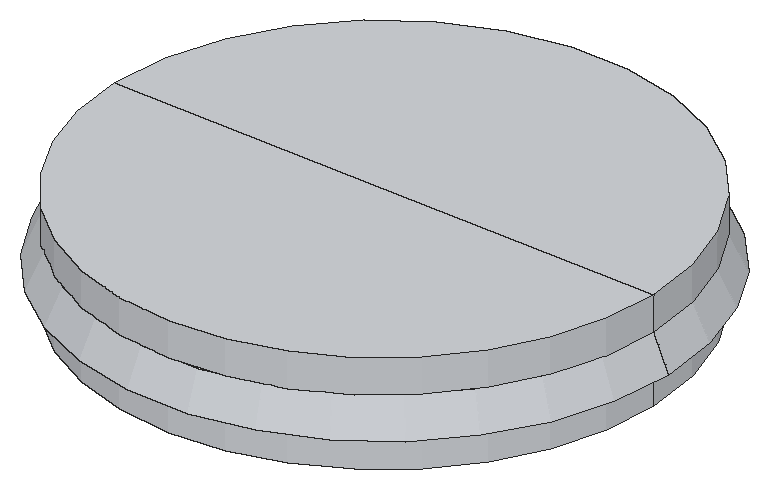
Revit family "IQ8 detektorsokkel", category Fire Alarm Devices, Revit 2013
Parameters (values of type "Type 1")
  Reference Line Out [instance] = 50 mm
  Montering tekst synlig [instance] = no
  Montering [instance] = "HIM"
  Material = none
  Height = 20 mm
  Diameter = 114 mm
  Symbol Positive Direction [instance] = yes
  Symbol Offset Side [instance] = 0 mm
  Symbol Offset Out [instance] = 0 mm
Reference planes
  plane 1 "Center (Front/Back)": y = 0
  plane 2: z = 0
  plane 3 "Center (Left/Right)": x = 0
  plane 4: x = 57
  plane 5: x = -57
  plane 6: z = -20
  plane 7: z = -6.667
  plane 8: z = -13.333
Forms (mm)
  Revolve 1, solid, material <- "Material"
    sketch origin (0, 0, 0) x (1, 0, 0) y (0, 0, 1)
      loop
        line (0, 0) -> (0, -20) -> (54, -20) -> (54, -13.333) -> (57, -13.333) -> (54, -6.667) -> (54, 0) -> (0, 0)
      axis (0, 0) -> (0, -20)
    angle from 0 to 360
Lines and regions (mm)
  model lines, style "InvisibleLines"
    curve 1: line (0, 0, 0) -> (0, 50, 0)
Dimensions and locks
  "Diameter": plane 4 to plane 5
  equal spacing: plane 5, plane 3 "Center (Left/Right)", plane 4
  plane 4 to Revolve 1 sketch curve = 3 mm
  locked: plane 4 to Revolve 1 sketch curve at 3
  equal spacing: plane 2, plane 7, plane 8, plane 6
  "Height": plane 2 to plane 6
  "Reference Line Out": plane 1 "Center (Front/Back)" to curve 1
  aligned and locked: level to plane 2
  aligned and locked: Revolve 1 sketch curve to plane 3 "Center (Left/Right)"  (x2)
  aligned and locked: Revolve 1 sketch curve to level
  aligned and locked: plane 3 "Center (Left/Right)" to nested 1
  aligned and locked: plane 1 "Center (Front/Back)" to nested 1
  aligned and locked: plane 7 to Revolve 1 sketch curve
  aligned and locked: plane 8 to Revolve 1 sketch curve  (x2)
  aligned and locked: plane 1 "Center (Front/Back)" to curve 1
  aligned and locked: plane 3 "Center (Left/Right)" to curve 1
Automatic sketch dimensions
  Revolve 1 sketch curve to plane 6 = 0 mm  (x2)
  Revolve 1 sketch curve to plane 4 = 0 mm
  level to Revolve 1 sketch curve = 2169.098 mm
Nested families
  nested 1: "Branndetektor" at (0, 0, 0), type "Type 1"
Connectors
  electrical at (0, 0, 0)
    settings: index 1, voltage 0 V, apparent load 0 VA, apparent load phase1 0 VA, apparent load phase2 0 VA, apparent load phase3 0 VA, power factor 1, load classification "Other", number of poles 1, system type 11, power factor state 1, is connector primary yes, connector utility no, sub classification motor no, connector description ""
Definition of nested family "Branndetektor"
  Parameters (values of type "Type 1")
    Montering tekst synlig = no
    Montering = "HIM"
    CQ Symbol Positive Direction = yes
    CQ Symbol Negative Direction = not(CQ Symbol Positive Direction)  # no
    CQ Symbol Offset Side = 0 mm
    CQ Symbol Offset Out = 0 mm
  Reference planes
    plane 1: y = 0
    plane 2: x = 0
  Dimensions and locks
    "CQ Symbol Offset Side": nested 2 to plane 2
    "CQ Symbol Offset Side": plane 2 to nested 1
    "CQ Symbol Offset Out": plane 1 to nested 1
    "CQ Symbol Offset Out": plane 1 to nested 2
  Nested families
    nested 1: "BranndetektorSub" at (0, 0, 0), visible <- "CQ Symbol Positive Direction", type "Type1"
    nested 2: "BranndetektorSub" at (0, 0, 0), visible <- "CQ Symbol Negative Direction", type "Type1"
  Definition of nested family "BranndetektorSub"
    Parameters (values of type "Type1")
      Montering tekst synlig (default) = no
      Montering = "HIM"
    Reference planes
      plane 1: y = 0
      plane 2: x = 0
    Lines and regions (mm)
      detail lines
        curve 1: line (-2.5, -2.5, 0) -> (2.5, -2.5, 0)
        curve 2: line (2.5, -2.5, 0) -> (2.5, 2.5, 0)
        curve 3: line (2.5, 2.5, 0) -> (-2.5, 2.5, 0)
        curve 4: line (-2.5, 2.5, 0) -> (-2.5, -2.5, 0)
      detail lines, style "Fire Alarm"
        curve 5: circle (0, -1.5, 0) r 0.25 normal (0, 0, 1)
        curve 6: line (0, -0.75, 0) -> (0.25, 1.5, 0)
        curve 7: arc (0.25, 1.5, 0) -> (0, 1.75, 0) -> (-0.25, 1.5, 0) r 0.25
        curve 8: line (-0.25, 1.5, 0) -> (0, -0.75, 0)
        curve 9: line (0, 0.5, 0) -> (0, 1.5, 0)
      reference lines
        curve 10: line (-2.5, 0, 0) -> (2.5, 0, 0)
        curve 11: line (0, -2.5, 0) -> (0, 2.5, 0)
      detail lines, style "InvisibleLines"
        curve 12: line (3.5, 3.115, 0) -> (3.5, -6.739, 0)
    Nested families
      nested 1: "txt 1_50" at (3.379, 2.424, 0), visible <- "Montering tekst synlig (default)", type "txt"
    Definition of nested family "txt 1_50"
      Parameters (values of type "txt")
        Type Name = "HIM"
      Reference planes
        plane 1: y = 0
        plane 2: x = 0
      Text (mm)
        label "TXT" at (-0.009, 0, 0), shows "Type Name"
